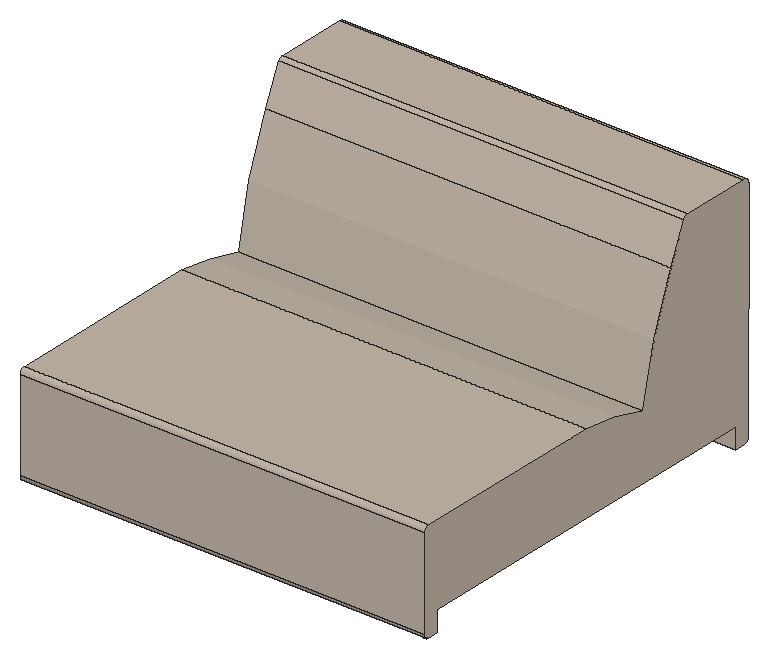
Revit family "FU_Modular_Sandler_Escala_ESC0205TA", category Furniture, Revit 2020
Family settings
  OmniClass Number = 23.40.20.00
  OmniClass Title = General Furniture and Specialties
  Work Plane-Based = No
  Always vertical = Yes
  Cut with Voids When Loaded = No
  Shared = No
  Room Calculation Point = No
Parameters (values of type "Escalas 0205TA")
  Width = 800 mm  # constant formula
  Upholstery [instance] = Fabric - Gravity - Wheat CPC21
  URL = "https://www.sandlerseating.com/product/esc0205ta/"
  Seat Height = 420 mm  # constant formula
  Seat Elevation = 220 mm  # constant formula
  Model = "Escalas 0205TA"
  Manufacturer = "Sandler"
  Height = 690 mm  # constant formula
  Description = "Upholstered 80cm right seat with backrest.\r\n47cm x 80cm x 80cm (measurements without base)"
  Depth = 800 mm  # constant formula
  Default Elevation = 0 mm
Reference planes
  plane 1 "Center (Front/Back)": y = 0
  plane 2: z = 0
  plane 3 "Center (Left/Right)": x = 0
  plane 4 "Right": x = -400
  plane 5 "Left": x = 400
  plane 6 "Front": y = -400
  plane 7 "Back": y = 400
  plane 8 "Elevation": z = 220
  plane 9 "Height": z = 690
  plane 10 "Seat height": z = 420
Forms (mm)
  Sweep 1, solid, material "Fabric - Gravity - Wheat CPC21" <- "Upholstery"
    path origin (0, 0, 220) x (-1, 0, 0) y (0, -1, 0)
      loop
        line (400, -400) -> (-400, -400)
    profile "Pro_Escalas_Seat_Shape : Pro_Escalas_Seat_Shape" origin (0, 400, 220) x (0, 1, 0) y (0, 0, 1)
      loop
        line (-790, 0) -> (-10, 0)
        arc (-10, 0) -> (-2.929, 2.929) -> (0, 10) r 10
        line (0, 10) -> (0, 460)
        arc (0, 460) -> (-2.929, 467.071) -> (-10, 470) r 10
        line (-10, 470) -> (-150.689, 470)
        arc (-150.689, 470) -> (-156.062, 468.434) -> (-159.752, 464.226) r 10
        line (-159.752, 464.226) -> (-192.518, 393.96)
        arc (-192.518, 393.96) -> (-234.317, 284.408) -> (-260, 170) r 816.842
        arc (-260, 170) -> (-329.19, 188.78) -> (-400, 200) r 664.836
        line (-400, 200) -> (-790, 200)
        arc (-790, 200) -> (-797.071, 197.071) -> (-800, 190) r 10
        line (-800, 190) -> (-800, 10)
        arc (-800, 10) -> (-797.071, 2.929) -> (-790, 0) r 10
  Extrusion 2, void
    sketch origin (0, 0, 0) x (0, 1, 0) y (0, 0, 1)
      loop
        line (-370, 220) -> (370, 220) -> (370, 261) -> (-370, 261) -> (-370, 220)
    from -370 to 405
Cuts and joins
  Extrusion 2 cuts Sweep 1
Dimensions and locks
  equal spacing: plane 4 "Right", plane 3 "Center (Left/Right)", plane 5 "Left"
  "Width": plane 4 "Right" to plane 5 "Left"
  equal spacing: plane 7 "Back", plane 1 "Center (Front/Back)", plane 6 "Front"
  "Depth": plane 7 "Back" to plane 6 "Front"
  "Height": plane 9 "Height" to level
  "Seat Height": plane 10 "Seat height" to level
  "Seat Elevation": plane 8 "Elevation" to level
  aligned and locked: level to plane 2
Automatic sketch dimensions
  Sweep 1 sketch curve to plane 5 "Left" = 0 mm
  Sweep 1 sketch curve to plane 4 "Right" = 0 mm
  Sweep 1 sketch curve to plane 7 "Back" = 0 mm
  Extrusion 2 sketch curve to plane 8 "Elevation" = 0 mm
  plane 6 "Front" to Extrusion 2 sketch curve = 30 mm
  Extrusion 2 sketch curve to plane 7 "Back" = 30 mm
  plane 8 "Elevation" to Extrusion 2 sketch curve = 41 mm
